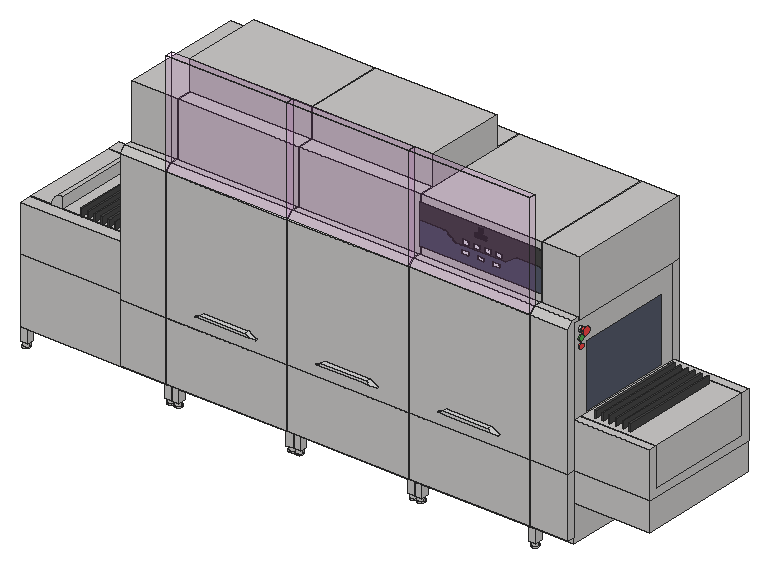
Revit family "QF_ELECTROLUXPROFESSIONAL_520040_EFTD052EL1U1D1M5ER386", category Attrezzature speciali, Revit 2020
Family settings
  Quota connettore circolare = Usa diametro
  Tipo di parte = Normale
  Basato su piano di lavoro = No
  Sempre verticale = Sì
  Taglio con vuoti quando caricato = No
  Condiviso = No
  Punto di calcolo locali = No
Parameters (values of type "Standard")
  Weight = 925.00 kg
  Watts = 42700 W
  Volts = 380 V
  URL Manufacturer = "https://www.electroluxprofessional.com/"
  URL = "https://www.electroluxprofessional.com/"
  Steam Supply Size = 0 mm
  Steam Supply Minimum Pressure = 0.0 Pa
  Steam Supply Maximum Pressure = 0.0 Pa
  Steam Consumption per Hour = 0
  Show Logo [instance] = yes
  Show Clearance [instance] = yes
  Refrigeration Suction Line Size = 0 mm
  Refrigeration Liquid Line Size = 0 mm
  Refrigerant Compressor Remote = yes
  Prospetto di default = 0 mm
  Produttore = "Electrolux Professional"
  Phase = 3
  Modello = "EFTD052EL1U1D1M5ER386"
  Length Actual = 4150 mm  # constant formula
  Item Number = "520040"
  Hot Water Size = 0 mm
  Height Actual = 1983 mm  # constant formula
  HP = "57.3 HP"
  Gas Size = 0 mm
  Gas KW = 0
  Gas Input Pressure = 0 W
  Direct Waste Size = 50.8 mm
  Descrizione = "FT, 1TANK, 5200D/H, EL., 750MM LOADING, 1000MM UNLOADING, 1DRYER, 55MM CONVEYOR,ESD,R>L,380V60HZ3P"
  Depth Actual = 946 mm  # constant formula
  Cycle = 60 Hz
  Condensate Return Size = 0 mm
  Compressed Air Volume = 0.0 L/s
  Compressed Air Size = 0 mm
  Compressed Air Pressure = 0.0 Pa
  Cold Water Size = 0 mm
  Accessory = yes
Reference planes
  plane 1 "Centro (Fronte/Retro)": y = 0
  plane 2: z = 0
  plane 3 "Centro (Sinistra/Destra)": x = 0
  plane 4: z = 115
Forms (mm)
  Extrusion 1, solid, material "QF_Finishes_Stainless Steel"
    sketch origin (2282.404, 2, 1806.023) x (1, 0, 0) y (0, 0, 1)
      loop
        line (407.596, -163.023) -> (407.596, -183.023) -> (427.596, -183.023) -> (427.596, -163.023) -> (407.596, -163.023)
    from 0 to 2
  Extrusion 2, solid, material "QF_Finishes_Stainless Steel"
    sketch origin (-5.617, 22.464, 1290.159) x (0, 0, -1) y (0, 1, 0)
      loop
        circle (1102.159, -772.464) r 25
    from -9.383 to 5.617
  Extrusion 3, solid, material "QF_Finishes_Stainless Steel"
    sketch origin (2942.404, 2, 337.984) x (1, 0, 0) y (0, 0, 1)
      loop
        line (407.596, -163.023) -> (407.596, -183.023) -> (427.596, -183.023) -> (427.596, -163.023) -> (407.596, -163.023)
    from 0 to 2
  Extrusion 4, solid, material "QF_Finishes_Stainless Steel"
    sketch origin (347.841, 200.464, 109.383) x (1, 0, 0) y (0, 1, 0)
      loop
        circle (1102.159, -772.464) r 10
    from -9.383 to 5.617
Dimensions and locks
  plane 4 to level = 115 mm
  aligned and locked: level to plane 2
Nested families
  nested 1: "MODULO_CENTER_800_FAN" at (1383.563, -388.258, 0), Show Clearance <- "Show Clearance", type "MODULO_CENTER_800_FAN"
    with Show Logo yes, Show Clearance yes, R_L no, L_R yes
  nested 2: "MODULO_CENTER_800_FAN" at (2183.563, -388.258, 0), Show Clearance <- "Show Clearance", type "MODULO_CENTER_800_FAN"
    with Show Logo yes, Show Clearance yes, R_L no, L_R yes
  nested 3: "MODULO_CENTER_800" at (2983.563, -388.258, 0), Show Clearance <- "Show Clearance", type "MODULO_CENTER_800"
    with Show Logo yes, Show Clearance yes, R_L no, L_R yes
  nested 4: "MODULO_ENTRY_DISH_750" at (3791.437, -523.742, 0) x (-1, 0, 0) z (0, 0, 1), type "MODULO_ENTRY_DISH_750"
    with Show Logo yes, Show Clearance yes, R_L yes, L_R no
  nested 5: "MODULO_USCITA_DISH_1000" at (641.437, -523.742, 0) x (-1, 0, 0) z (0, 0, 1), type "MODULO_USCITA_DISH_1000"
    with Show Logo yes, Show Clearance yes, R_L no, L_R yes
  nested 6: "Piedino_Square_115H" at (23.5, -838.5, 0), type "Piedino_Square_115H"
  nested 7: "Piedino_Square_115H" at (23.5, -73.5, 0), type "Piedino_Square_115H"
  nested 8: "Piedino_Square_115H" at (976.5, -838.5, 0), type "Piedino_Square_115H"
  nested 9: "Piedino_Square_115H" at (976.5, -73.5, 0), type "Piedino_Square_115H"
  nested 10: "Piedino_Square_115H" at (1023.5, -838.5, 0), type "Piedino_Square_115H"
  nested 11: "Piedino_Square_115H" at (1023.5, -73.5, 0), type "Piedino_Square_115H"
  nested 12: "Piedino_Square_115H" at (1776.5, -838.5, 0), type "Piedino_Square_115H"
  nested 13: "Piedino_Square_115H" at (1776.5, -73.5, 0), type "Piedino_Square_115H"
  nested 14: "Piedino_Square_115H" at (1823.5, -838.5, 0) x (-1, 0, 0) z (0, 0, 1), type "Piedino_Square_115H"
  nested 15: "Piedino_Square_115H" at (1823.5, -73.5, 0) x (-1, 0, 0) z (0, 0, 1), type "Piedino_Square_115H"
  nested 16: "Piedino_Square_115H" at (2576.5, -838.5, 0) x (-1, 0, 0) z (0, 0, 1), type "Piedino_Square_115H"
  nested 17: "Piedino_Square_115H" at (2576.5, -73.5, 0) x (-1, 0, 0) z (0, 0, 1), type "Piedino_Square_115H"
  nested 18: "Piedino_Square_115H" at (2623.5, -838.5, 0), type "Piedino_Square_115H"
  nested 19: "Piedino_Square_115H" at (2623.5, -73.5, 0), type "Piedino_Square_115H"
  nested 20: "Piedino_Square_115H" at (3376.5, -838.5, 0), type "Piedino_Square_115H"
  nested 21: "Piedino_Square_115H" at (3376.5, -73.5, 0), type "Piedino_Square_115H"
  nested 22: "MANIGLIA_FLIGHT_400" at (3000, -912, 639.28) x (1, 0, 0) z (0, -1, 0), type "MANIGLIA_FLIGHT_400"
  nested 23: "MANIGLIA_FLIGHT_400" at (2200, -912, 639.28) x (1, 0, 0) z (0, -1, 0), type "MANIGLIA_FLIGHT_400"
  nested 24: "MANIGLIA_FLIGHT_400" at (1400, -912, 639.28) x (1, 0, 0) z (0, -1, 0), type "MANIGLIA_FLIGHT_400"
  nested 25: "Schermo_Flight_800" at (3000, -815, 1593.984) x (1, 0, 0) z (0, -1, 0), type "Schermo_Flight_800"
  nested 26: "ELX_LOGO_WORDS_WHITE" at (3000, -816.6, 1683.984) x (1, 0, 0) z (0, -1, 0), Show Logo <- "Show Logo", visible <- "Show Logo", type "ELX_LOGO_WORDS_WHITE"
    with Show Logo yes
  nested 27: "ELX_LOGO_MONO_SMALL_WHITE" at (2990.08, -816.6, 1669.984) x (-1, 0, 0) z (0, -1, 0), Show Logo <- "Show Logo", visible <- "Show Logo", type "ELX_LOGO_MONO_SMALL_WHITE"
    with Show Logo yes
Connectors
  electrical at (2700, 2, 1633)
    settings: on Extrusion 1, index 69, voltage 0 V, apparent load 0 VA, apparent load phase1 0 VA, apparent load phase2 0 VA, apparent load phase3 0 VA, power factor 1, load classification "Altro", number of poles 1, system type 30, power factor state 1, is connector primary yes, connector utility no, sub classification motor no, connector description "EI"
  piping at (-15, -750, 188), diameter 50
    settings: on Extrusion 2, index 70, connector inside diameter 609.6 mm, connector length 0 mm, flow factor 0, pipe flow 0.0 L/s, pressure drop 0.0 Pa, fitting loss kfactor 0, connector angle 0.00°, fixture units 0, engagement length 0 mm, angle of deflection 0.00°, flow configuration 0, flow direction 0, fitting loss method 0, system type 29, joint type 0, gender type 0, connector reference index -1, connector utility 0, adjustable connector no, is connector primary yes, connector description "D"
  electrical at (3360, 2, 164.961)
    settings: on Extrusion 3, index 71, voltage 0 V, apparent load 0 VA, apparent load phase1 0 VA, apparent load phase2 0 VA, apparent load phase3 0 VA, power factor 1, load classification "Altro", number of poles 1, system type 30, power factor state 1, is connector primary no, connector utility no, sub classification motor no, connector description "EQ"
  piping at (1450, -572, 100), diameter 19.1
    settings: on Extrusion 4, index 72, connector inside diameter 609.6 mm, connector length 0 mm, flow factor 0, pipe flow 0.0 L/s, pressure drop 0.0 Pa, fitting loss kfactor 0, connector angle 0.00°, fixture units 0, engagement length 0 mm, angle of deflection 0.00°, flow configuration 0, flow direction 0, fitting loss method 0, system type 29, joint type 0, gender type 0, connector reference index -1, connector utility 0, adjustable connector no, is connector primary no, connector description "HWI/CWI"
Definition of nested family "MODULO_CENTER_800_FAN"
  Parameters (values of type "MODULO_CENTER_800_FAN")
    URL = "http://professional.electrolux.com"
    Show Logo [instance] = yes
    R_L [instance] = not(L_R)  # no
    Default Elevation = 0 mm
    Manufacturer = "Electrolux"
    Model = "ESR10E5"
    Length Actual = 800 mm
    Show Clearance [instance] = yes
    L_R [instance] = yes
    Height Actual = 1792 mm
    Description = "SINGLE RINSE RT, 100R/H, ELECTRIC 50HZ"
    Depth Actual = 912 mm
  Reference planes
    plane 1 "Center X": y = -67.742
    plane 2: z = 0
    plane 3 "LEFT": x = -383.563
    plane 4 "RIGHT": x = 416.437
    plane 5 "BACK": y = 388.258
    plane 6 "FEET": z = 115
    plane 7: z = 2092
    plane 8 "TOP": z = 1792
    plane 9 "FRONT": y = -523.742
    plane 10 "Left/Right": x = 16.437
    plane 11 "TopVent": z = 1983
  Forms (mm)
    Extrusion 1, solid
      sketch origin (416.437, 479.936, 4000) x (0, 1, 0) y (0, 0, 1)
        loop
          line (-91.678, -2208) -> (-906.678, -2208) -> (-906.678, -2580) -> (-91.678, -2580) -> (-91.678, -2208)
      from -800 to 0
    Extrusion 2, solid
      sketch origin (-383.563, 437.565, 3910) x (0, 1, 0) y (0, 0, 1)
        loop
          line (-99.307, -2490) -> (-911.307, -2490) -> (-911.307, -3552) -> (-99.307, -3552) -> (-99.307, -2490)
      from 800 to 0
    Extrusion 3, solid
      sketch origin (416.437, 479.936, 4299) x (0, 1, 0) y (0, 0, 1)
        loop
          line (-278.21, -2316) -> (-803.678, -2316) -> (-803.678, -2507) -> (-278.21, -2507) -> (-278.21, -2316)
      from -800 to 0
    Extrusion 4, solid
      sketch origin (16.437, 0, 1.5) x (0, 0, 1) y (0, -1, 0)
        loop
          line (356.5, -338.258) -> (356.5, 473.742) -> (113.5, 473.742) -> (113.5, -338.258) -> (356.5, -338.258)
      from 400 to -400
    Extrusion 5, solid
      sketch origin (16.437, 0, 0) x (0, 0, 1) y (0, -1, 0)
        loop
          line (1420, -338.258) -> (545, -338.258) -> (545, -388.258) -> (1420, -388.258) -> (1420, -338.258)
      from -400 to 400
    Extrusion 6, solid
      sketch origin (16.437, 0, 0) x (0, 0, 1) y (0, -1, 0)
        loop
          line (545, -388.258) -> (545, -338.258) -> (154, -338.258) -> (154, -388.258) -> (545, -388.258)
      from -400 to 400
    Extrusion 7, solid
      sketch origin (16.437, -882.484, -150) x (0, -1, 0) y (0, 0, 1)
        loop
          line (-358.742, 304) -> (-358.742, 695) -> (-408.742, 695) -> (-408.742, 304) -> (-358.742, 304)
      from -400 to 400
    Extrusion 8, solid
      sketch origin (16.437, -882.484, -151) x (0, -1, 0) y (0, 0, 1)
        loop
          line (-408.742, 1571) -> (-408.742, 696) -> (-358.742, 696) -> (-358.742, 1556) -> (-395.742, 1593) -> (-443.742, 1593) -> (-443.742, 1571) -> (-408.742, 1571)
      from -400 to 400
    Extrusion 9, solid, visible <- "Show Clearance"
      sketch origin (16.437, -882.484, 452) x (0, -1, 0) y (0, 0, 1)
        loop
          line (-408.742, 1640) -> (-408.742, 953.624) -> (-358.742, 953.624) -> (-358.742, 1640) -> (-408.742, 1640)
      from -400 to 400
  Dimensions and locks
    plane 3 "LEFT" to plane 4 "RIGHT" = 800 mm
    plane 5 "BACK" to plane 1 "Center X" to plane 9 "FRONT" = 456 mm, 456 mm
    plane 6 "FEET" to level = 115 mm  (x2)
    plane 6 "FEET" to plane 8 "TOP" = 1677 mm
    plane 5 "BACK" to plane 9 "FRONT" = 912 mm  (x2)
    plane 4 "RIGHT" to plane 3 "LEFT" = 800 mm
    plane 9 "FRONT" to plane 5 "BACK" = 912 mm
    level to plane 8 "TOP" = 1792 mm  (x2)
    plane 7 to level = 2092 mm
    plane 11 "TopVent" to plane 2 = 1983 mm
    plane 7 to plane 2 = 2092 mm
    Extrusion 2 to level = 1420 mm
    Extrusion 8 to level = 1442 mm
    plane 11 "TopVent" to level = 1983 mm
    aligned and locked: level to plane 2
Definition of nested family "MODULO_CENTER_800"
  Parameters (values of type "MODULO_CENTER_800")
    URL = "http://professional.electrolux.com"
    Show Logo [instance] = yes
    R_L [instance] = not(L_R)  # no
    Default Elevation = 0 mm
    Manufacturer = "Electrolux"
    Model = "ESR10E5"
    Length Actual = 800 mm
    Show Clearance [instance] = yes
    L_R [instance] = yes
    Height Actual = 1792 mm
    Description = "SINGLE RINSE RT, 100R/H, ELECTRIC 50HZ"
    Depth Actual = 912 mm
  Reference planes
    plane 1 "Center X": y = -67.742
    plane 2: z = 0
    plane 3 "LEFT": x = -383.563
    plane 4 "RIGHT": x = 416.437
    plane 5 "BACK": y = 388.258
    plane 6 "FEET": z = 115
    plane 7: z = 2092
    plane 8 "TOP": z = 1792
    plane 9 "FRONT": y = -523.742
    plane 10 "Left/Right": x = 16.437
  Forms (mm)
    Extrusion 1, solid
      sketch origin (416.437, 479.936, 4000) x (0, 1, 0) y (0, 0, 1)
        loop
          line (-91.678, -2208) -> (-906.678, -2208) -> (-906.678, -2580) -> (-91.678, -2580) -> (-91.678, -2208)
      from -800 to 0
    Extrusion 2, solid
      sketch origin (-383.563, 437.565, 3915) x (0, 1, 0) y (0, 0, 1)
        loop
          line (-99.307, -2495) -> (-911.307, -2495) -> (-911.307, -3557) -> (-99.307, -3557) -> (-99.307, -2495)
      from 800 to 0
    Extrusion 3, solid
      sketch origin (16.437, 0, 1.5) x (0, 0, 1) y (0, -1, 0)
        loop
          line (356.5, -338.258) -> (356.5, 473.742) -> (113.5, 473.742) -> (113.5, -338.258) -> (356.5, -338.258)
      from 400 to -400
    Extrusion 4, solid
      sketch origin (16.437, 0, 0) x (0, 0, 1) y (0, -1, 0)
        loop
          line (1420, -338.258) -> (545, -338.258) -> (545, -388.258) -> (1420, -388.258) -> (1420, -338.258)
      from -400 to 400
    Extrusion 5, solid
      sketch origin (16.437, 0, 0) x (0, 0, 1) y (0, -1, 0)
        loop
          line (545, -388.258) -> (545, -338.258) -> (154, -338.258) -> (154, -388.258) -> (545, -388.258)
      from -400 to 400
    Extrusion 6, solid
      sketch origin (16.437, -882.484, -150) x (0, -1, 0) y (0, 0, 1)
        loop
          line (-358.742, 304) -> (-358.742, 695) -> (-408.742, 695) -> (-408.742, 304) -> (-358.742, 304)
      from -400 to 400
    Extrusion 7, solid
      sketch origin (16.437, -882.484, -151) x (0, -1, 0) y (0, 0, 1)
        loop
          line (-408.742, 1571) -> (-408.742, 696) -> (-358.742, 696) -> (-358.742, 1556) -> (-395.742, 1593) -> (-443.742, 1593) -> (-443.742, 1571) -> (-408.742, 1571)
      from -400 to 400
    Extrusion 8, solid, visible <- "Show Clearance"
      sketch origin (16.437, -882.484, 452) x (0, -1, 0) y (0, 0, 1)
        loop
          line (-408.742, 1640) -> (-408.742, 953.624) -> (-358.742, 953.624) -> (-358.742, 1640) -> (-408.742, 1640)
      from -400 to 400
  Dimensions and locks
    plane 3 "LEFT" to plane 4 "RIGHT" = 800 mm
    plane 5 "BACK" to plane 1 "Center X" to plane 9 "FRONT" = 456 mm, 456 mm
    plane 6 "FEET" to level = 115 mm  (x2)
    plane 6 "FEET" to plane 8 "TOP" = 1677 mm
    plane 5 "BACK" to plane 9 "FRONT" = 912 mm  (x2)
    plane 4 "RIGHT" to plane 3 "LEFT" = 800 mm
    plane 9 "FRONT" to plane 5 "BACK" = 912 mm
    level to plane 8 "TOP" = 1792 mm  (x2)
    plane 7 to level = 2092 mm
    plane 7 to plane 2 = 2092 mm
    Extrusion 2 to level = 1420 mm
    Extrusion 7 to level = 1442 mm
    aligned and locked: level to plane 2
Definition of nested family "MODULO_ENTRY_DISH_750"
  Parameters (values of type "MODULO_ENTRY_DISH_750")
    URL = "http://professional.electrolux.com"
    Show Logo [instance] = yes
    R_L [instance] = not(L_R)  # no
    Default Elevation = 0 mm
    Manufacturer = "Electrolux"
    Model = "ESR10E5"
    Length Actual = 800 mm
    Show Clearance [instance] = yes
    L_R [instance] = yes
    Height Actual = 1792 mm
    Description = "SINGLE RINSE RT, 100R/H, ELECTRIC 50HZ"
    Depth Actual = 912 mm
  Reference planes
    plane 1 "Center (Front/Back)": y = -67.742
    plane 2: z = 0
    plane 3 "LEFT": x = -358.563
    plane 4 "RIGHT": x = 391.437
    plane 5 "BACK": y = 388.258
    plane 6 "FRONT": y = -523.742
    plane 7 "Left/Right": x = 16.437
    plane 8 "BUTTONS": y = -427.742
    plane 9: z = 115
    plane 10 "2": y = 292.258
  Forms (mm)
    Extrusion 1, solid, visible <- "L_R"
      sketch origin (391.437, 479.936, 4000) x (0, 1, 0) y (0, 0, 1)
        loop
          line (-91.678, -2208) -> (-906.678, -2208) -> (-906.678, -2580) -> (-91.678, -2580) -> (-91.678, -2208)
      from -250 to 0
    Extrusion 2, solid
      sketch origin (-358.563, 437.565, 3910) x (0, 1, 0) y (0, 0, 1)
        loop
          line (-99.307, -2490) -> (-911.307, -2490) -> (-911.307, -3552) -> (-99.307, -3552) -> (-99.307, -2490)
      from 750 to 500
    Extrusion 3, solid
      sketch origin (-358.563, 437.565, 3910) x (0, 1, 0) y (0, 0, 1)
        loop
          line (-99.307, -3365) -> (-99.307, -3060) -> (-149.307, -3060) -> (-149.307, -3315) -> (-861.307, -3315) -> (-861.307, -3060) -> (-911.307, -3060) -> (-911.307, -3365) -> (-99.307, -3365)
      from 500 to 0
    Extrusion 4, solid
      sketch origin (16.437, 0, -4.987) x (0, 0, 1) y (0, -1, 0)
        loop
          line (362.987, -338.258) -> (362.987, 473.742) -> (119.987, 473.742) -> (119.987, -338.258) -> (362.987, -338.258)
      from 375 to 125
    Extrusion 5, solid, visible <- "L_R"
      sketch origin (16.437, 0, 0) x (0, 0, 1) y (0, -1, 0)
        loop
          line (1420, -338.258) -> (545, -338.258) -> (545, -388.258) -> (1420, -388.258) -> (1420, -338.258)
      from 125 to 375
    Extrusion 6, solid
      sketch origin (16.437, 0, 0) x (0, 0, 1) y (0, -1, 0)
        loop
          line (545, -388.258) -> (545, -338.258) -> (154, -338.258) -> (154, -388.258) -> (545, -388.258)
      from 125 to 375
    Extrusion 7, solid
      sketch origin (-358.563, 437.565, 3607.258) x (0, 1, 0) y (0, 0, 1)
        loop
          line (-99.307, -3249.258) -> (-99.307, -3062.258) -> (-911.307, -3062.258) -> (-911.307, -3249.258) -> (-99.307, -3249.258)
      from 500 to 0
    Extrusion 8, solid
      sketch origin (-358.563, 437.565, 4000) x (0, 1, 0) y (0, 0, 1)
        loop
          line (-149.307, -3150) -> (-861.307, -3150) -> (-861.307, -3405) -> (-149.307, -3405) -> (-149.307, -3150)
      from 0 to 500
    Extrusion 9, solid
      sketch origin (266.437, -882.484, -150) x (0, -1, 0) y (0, 0, 1)
        loop
          line (-358.742, 304) -> (-358.742, 695) -> (-408.742, 695) -> (-408.742, 304) -> (-358.742, 304)
      from -125 to 125
    Extrusion 10, solid, visible <- "L_R"
      sketch origin (266.437, -882.484, -151) x (0, -1, 0) y (0, 0, 1)
        loop
          line (-408.742, 1571) -> (-408.742, 696) -> (-358.742, 696) -> (-358.742, 1556) -> (-395.742, 1593) -> (-443.742, 1593) -> (-443.742, 1571) -> (-408.742, 1571)
      from -125 to 125
    Extrusion 11, solid
      sketch origin (-358.563, 437.565, 4000) x (0, 1, 0) y (0, 0, 1)
        loop
          line (-199.307, -2725.701) -> (-811.307, -2725.701) -> (-811.307, -3137.701) -> (-199.307, -3137.701) -> (-199.307, -2725.701)
      from 495.458 to 500
    Extrusion 12, solid, visible <- "R_L"
      sketch origin (266.437, 747, -151) x (0, 1, 0) y (0, 0, -1)
        loop
          line (-408.742, -1571) -> (-443.742, -1571) -> (-443.742, -1593) -> (-395.742, -1593) -> (-358.742, -1556) -> (-358.742, -696) -> (-408.742, -696) -> (-408.742, -1571)
      from -125 to 125
    Extrusion 13, solid, visible <- "R_L"
      sketch origin (16.437, -135.484, 0) x (0, 0, 1) y (0, -1, 0)
        loop
          line (1420, 338.258) -> (1420, 388.258) -> (545, 388.258) -> (545, 338.258) -> (1420, 338.258)
      from 125 to 375
    Extrusion 14, solid, visible <- "R_L"
      sketch origin (391.437, -615.42, 4000) x (0, -1, 0) y (0, 0, -1)
        loop
          line (-91.678, 2208) -> (-91.678, 2580) -> (-906.678, 2580) -> (-906.678, 2208) -> (-91.678, 2208)
      from -250 to 0
    Extrusion 15, solid
      sketch origin (-191.477, -192.742, -3) x (-1, 0, 0) y (0, 0, 1)
        loop
          line (-26.676, 853) -> (-26.676, 898) -> (-36.676, 898) -> (-36.676, 853) -> (-26.676, 853)
      from -196 to 446
    Extrusion 16, solid
      sketch origin (-146.477, -192.742, -3) x (-1, 0, 0) y (0, 0, 1)
        loop
          line (-26.676, 853) -> (-26.676, 898) -> (-36.676, 898) -> (-36.676, 853) -> (-26.676, 853)
      from -196 to 446
    Extrusion 17, solid
      sketch origin (-101.477, -192.742, -3) x (-1, 0, 0) y (0, 0, 1)
        loop
          line (-26.676, 853) -> (-26.676, 898) -> (-36.676, 898) -> (-36.676, 853) -> (-26.676, 853)
      from -196 to 446
    Extrusion 18, solid
      sketch origin (-56.477, -192.742, -3) x (-1, 0, 0) y (0, 0, 1)
        loop
          line (-26.676, 853) -> (-26.676, 898) -> (-36.676, 898) -> (-36.676, 853) -> (-26.676, 853)
      from -196 to 446
    Extrusion 19, solid
      sketch origin (-11.477, -192.742, -3) x (-1, 0, 0) y (0, 0, 1)
        loop
          line (-26.676, 853) -> (-26.676, 898) -> (-36.676, 898) -> (-36.676, 853) -> (-26.676, 853)
      from -196 to 446
    Extrusion 20, solid
      sketch origin (33.523, -192.742, -3) x (-1, 0, 0) y (0, 0, 1)
        loop
          line (-26.676, 853) -> (-26.676, 898) -> (-36.676, 898) -> (-36.676, 853) -> (-26.676, 853)
      from -196 to 446
  Dimensions and locks
    plane 3 "LEFT" to plane 4 "RIGHT" = 750 mm
    plane 5 "BACK" to plane 1 "Center (Front/Back)" to plane 6 "FRONT" = 456 mm, 456 mm
    plane 5 "BACK" to plane 6 "FRONT" = 912 mm  (x2)
    plane 4 "RIGHT" to plane 3 "LEFT" = 750 mm  (x2)
    plane 6 "FRONT" to plane 5 "BACK" = 912 mm
    plane 9 to level = 115 mm
    Extrusion 1 to level = 1792 mm
    Extrusion 3 to level = 850 mm
    aligned and locked: level to plane 2
  Nested families
    nested 1: "BOTTONE_RED_STOP" at (141.437, -427.742, 1266.906) x (0, -1, 0) z (-1, 0, 0), visible <- "L_R", type "BOTTONE_RED_STOP"
    nested 2: "BOTTONE_EMERGENCY_STOP" at (141.437, -427.742, 1370) x (0, -1, 0) z (-1, 0, 0), visible <- "L_R", type "BOTTONE_EMERGENCY_STOP"
    nested 3: "BOTTONE_GREEN_START" at (141.437, -427.742, 1316.906) x (0, -1, 0) z (-1, 0, 0), visible <- "L_R", type "BOTTONE_GREEN_START"
    nested 4: "BOTTONE_RED_STOP" at (141.437, 292.258, 1267.906) x (0, 1, 0) z (-1, 0, 0), visible <- "R_L", type "BOTTONE_RED_STOP"
    nested 5: "BOTTONE_EMERGENCY_STOP" at (141.437, 292.258, 1371) x (0, 1, 0) z (-1, 0, 0), visible <- "R_L", type "BOTTONE_EMERGENCY_STOP"
    nested 6: "BOTTONE_GREEN_START" at (141.437, 292.258, 1317.906) x (0, 1, 0) z (-1, 0, 0), visible <- "R_L", type "BOTTONE_GREEN_START"
  Definition of nested family "BOTTONE_RED_STOP"
    Parameters (values of type "BOTTONE_RED_STOP")
      Default Elevation = 1219.2 mm
    Reference planes
      plane 1 "Centro (Fronte/Retro)": y = 0
      plane 2: z = 0
      plane 3 "Centro (Sinistra/Destra)": x = 0
    Forms (mm)
      Extrusion 1, solid
        sketch origin (0, 0, 0) x (1, 0, 0) y (0, 1, 0)
          loop
            line (-1219.2, 1219.2) -> (-1219.2, -1219.2) -> (1219.2, -1219.2) -> (1219.2, 1219.2) -> (-1219.2, 1219.2)
        from 0 to -304.8
      Extrusion 2, solid
        sketch origin (-367.513, 69.533, 15) x (-1, 0, 0) y (0, 1, 0)
          loop
            circle (-367.513, -69.533) r 15
        from 0 to 15
    Dimensions and locks
      aligned and locked: plane 2 to Extrusion 1
      aligned and locked: level to Extrusion 1
  Definition of nested family "BOTTONE_EMERGENCY_STOP"
    Parameters
      Default Elevation = 1219.2 mm
    Reference planes
      plane 1 "Centro (Fronte/Retro)": y = 0
      plane 2: z = 0
      plane 3 "Centro (Sinistra/Destra)": x = 0
    Forms (mm)
      Extrusion 1, solid
        sketch origin (0, 0, 0) x (1, 0, 0) y (0, 1, 0)
          loop
            line (-1219.2, 1219.2) -> (-1219.2, -1219.2) -> (1219.2, -1219.2) -> (1219.2, 1219.2) -> (-1219.2, 1219.2)
        from 0 to -304.8
      Extrusion 2, solid
        sketch origin (0, 0, 0) x (1, 0, 0) y (0, 1, 0)
          loop
            circle (0, 0) r 15
        from 0 to 20.273
      Blend 3, solid
        base sketch origin (-49.801, 0, 0) x (1, 0, 0) y (0, 1, 0)
          loop
            circle (49.801, 0) r 15
        top sketch origin (-49.801, 0, 0) x (1, 0, 0) y (0, 1, 0)
          loop
            circle (49.801, 0) r 25
        from 20.273 to 47.605
    Dimensions and locks
      aligned and locked: plane 2 to Extrusion 1
      aligned and locked: level to Extrusion 1
  Definition of nested family "BOTTONE_GREEN_START"
    Parameters (values of type "BOTTONE_GREEN_START")
      Default Elevation = 1219.2 mm
    Reference planes
      plane 1 "Centro (Fronte/Retro)": y = 0
      plane 2: z = 0
      plane 3 "Centro (Sinistra/Destra)": x = 0
    Forms (mm)
      Extrusion 1, solid
        sketch origin (0, 0, 0) x (1, 0, 0) y (0, 1, 0)
          loop
            line (-1219.2, 1219.2) -> (-1219.2, -1219.2) -> (1219.2, -1219.2) -> (1219.2, 1219.2) -> (-1219.2, 1219.2)
        from 0 to -304.8
      Extrusion 2, solid
        sketch origin (-367.513, 69.533, 15) x (-1, 0, 0) y (0, 1, 0)
          loop
            circle (-367.513, -69.533) r 15
        from 0 to 15
    Dimensions and locks
      aligned and locked: plane 2 to Extrusion 1
      aligned and locked: level to Extrusion 1
Definition of nested family "MODULO_USCITA_DISH_1000"
  Parameters (values of type "MODULO_USCITA_DISH_1000")
    URL = "http://professional.electrolux.com"
    Show Logo [instance] = yes
    R_L [instance] = not(L_R)  # yes
    Default Elevation = 0 mm
    Manufacturer = "Electrolux"
    Model = "ESR10E5"
    Length Actual = 800 mm
    Show Clearance [instance] = yes
    L_R [instance] = no
    Height Actual = 1792 mm
    Description = "SINGLE RINSE RT, 100R/H, ELECTRIC 50HZ"
    Depth Actual = 912 mm
  Reference planes
    plane 1 "Center (Front/Back)": y = -67.742
    plane 2: z = 0
    plane 3 "LEFT": x = -358.563
    plane 4 "BACK": y = 388.258
    plane 5 "FEET": z = 115
    plane 6 "TOP": z = 1792
    plane 7 "FRONT": y = -523.742
    plane 8 "Left/Right": x = 16.437
    plane 9: x = -358.563
    plane 10: y = -427.742
    plane 11 "RIGHT": x = 641.437
  Forms (mm)
    Extrusion 1, solid, visible <- "R_L"
      sketch origin (-358.563, 479.936, 4003) x (0, 1, 0) y (0, 0, -1)
        loop
          line (-91.678, 2211) -> (-91.678, 2583) -> (-906.678, 2583) -> (-906.678, 2211) -> (-91.678, 2211)
      from -300 to 0
    Extrusion 2, solid
      sketch origin (-358.563, 437.565, 4003) x (0, 1, 0) y (0, 0, 1)
        loop
          line (-99.307, -3458) -> (-911.307, -3458) -> (-911.307, -3888) -> (-99.307, -3888) -> (-99.307, -3458)
      from 300 to 0
    Extrusion 3, solid
      sketch origin (-358.563, 479.936, 4003) x (0, 1, 0) y (0, 0, -1)
        loop
          line (-141.678, 2583) -> (-141.678, 3458) -> (-953.678, 3458) -> (-953.678, 2583) -> (-141.678, 2583)
      from -300 to 0
    Extrusion 4, solid
      sketch origin (391.437, 437.565, 3913) x (0, 1, 0) y (0, 0, -1)
        loop
          line (-99.307, 3368) -> (-911.307, 3368) -> (-911.307, 3063) -> (-826.307, 3063) -> (-826.307, 3318) -> (-184.307, 3318) -> (-184.307, 3063) -> (-99.307, 3063) -> (-99.307, 3368)
      from 450 to -250
    Extrusion 5, solid, visible <- "R_L"
      sketch origin (16.437, 0, 3) x (0, 0, 1) y (0, 1, 0)
        loop
          line (1417, 338.258) -> (1417, 388.258) -> (542, 388.258) -> (542, 338.258) -> (1417, 338.258)
      from 75 to 375
    Extrusion 6, solid
      sketch origin (16.437, 0, 3) x (0, 0, 1) y (0, 1, 0)
        loop
          line (542, 388.258) -> (151, 388.258) -> (151, 338.258) -> (542, 338.258) -> (542, 388.258)
      from 75 to 375
    Extrusion 7, solid
      sketch origin (391.437, 437.565, 3610.258) x (0, 1, 0) y (0, 0, -1)
        loop
          line (-99.307, 3495.258) -> (-911.307, 3495.258) -> (-911.307, 3065.258) -> (-99.307, 3065.258) -> (-99.307, 3495.258)
      from 450 to -250
    Extrusion 8, solid
      sketch origin (641.437, 0, 3) x (0, 1, 0) y (0, 0, 1)
        loop
          line (253.258, 847) -> (-388.742, 847) -> (-388.742, 592) -> (253.258, 592) -> (253.258, 847)
      from 0 to -700
    Extrusion 9, solid
      sketch origin (-358.563, 437.565, 3928) x (0, 1, 0) y (0, 0, 1)
        loop
          line (-811.307, -3065.701) -> (-199.307, -3065.701) -> (-199.307, -2653.701) -> (-811.307, -2653.701) -> (-811.307, -3065.701)
      from 300 to 304.77
    Extrusion 10, solid
      sketch origin (-208.563, -115, -147) x (0, 1, 0) y (0, 0, 1)
        loop
          line (-358.742, 301) -> (-358.742, 692) -> (-408.742, 692) -> (-408.742, 301) -> (-358.742, 301)
      from -150 to 150
    Extrusion 11, solid, visible <- "R_L"
      sketch origin (-208.563, -882.484, -151) x (0, -1, 0) y (0, 0, 1)
        loop
          line (-408.742, 1571) -> (-408.742, 696) -> (-358.742, 696) -> (-358.742, 1556) -> (-395.742, 1593) -> (-443.742, 1593) -> (-443.742, 1571) -> (-408.742, 1571)
      from -150 to 150
    Extrusion 12, solid
      sketch origin (-39.574, -192.742, -3) x (-1, 0, 0) y (0, 0, 1)
        loop
          line (-26.676, 853) -> (-26.676, 898) -> (-36.676, 898) -> (-36.676, 853) -> (-26.676, 853)
      from -196 to 446
    Extrusion 13, solid
      sketch origin (5.426, -192.742, -3) x (-1, 0, 0) y (0, 0, 1)
        loop
          line (-26.676, 853) -> (-26.676, 898) -> (-36.676, 898) -> (-36.676, 853) -> (-26.676, 853)
      from -196 to 446
    Extrusion 14, solid
      sketch origin (50.426, -192.742, -3) x (-1, 0, 0) y (0, 0, 1)
        loop
          line (-26.676, 853) -> (-26.676, 898) -> (-36.676, 898) -> (-36.676, 853) -> (-26.676, 853)
      from -196 to 446
    Extrusion 15, solid
      sketch origin (95.426, -192.742, -3) x (-1, 0, 0) y (0, 0, 1)
        loop
          line (-26.676, 853) -> (-26.676, 898) -> (-36.676, 898) -> (-36.676, 853) -> (-26.676, 853)
      from -196 to 446
    Extrusion 16, solid
      sketch origin (140.426, -192.742, -3) x (-1, 0, 0) y (0, 0, 1)
        loop
          line (-26.676, 853) -> (-26.676, 898) -> (-36.676, 898) -> (-36.676, 853) -> (-26.676, 853)
      from -196 to 446
    Extrusion 17, solid
      sketch origin (185.426, -192.742, -3) x (-1, 0, 0) y (0, 0, 1)
        loop
          line (-26.676, 853) -> (-26.676, 898) -> (-36.676, 898) -> (-36.676, 853) -> (-26.676, 853)
      from -196 to 446
    Extrusion 18, solid
      sketch origin (230.426, -192.742, -3) x (-1, 0, 0) y (0, 0, 1)
        loop
          line (-26.676, 853) -> (-26.676, 898) -> (-36.676, 898) -> (-36.676, 853) -> (-26.676, 853)
      from -196 to 446
    Extrusion 19, solid
      sketch origin (275.426, -192.742, -3) x (-1, 0, 0) y (0, 0, 1)
        loop
          line (-26.676, 853) -> (-26.676, 898) -> (-36.676, 898) -> (-36.676, 853) -> (-26.676, 853)
      from -196 to 446
    Revolve 20, solid
      sketch origin (0, 0, 850) x (1, 0, 0) y (0, 1, 0)
        loop
          line (430.204, 253.258) -> (430.204, -388.742) -> (502.335, -388.742) -> (502.335, 253.258) -> (430.204, 253.258)
        axis (430.204, 253.258) -> (430.204, -388.742)
      angle from 0 to -90
    Extrusion 21, solid, visible <- "L_R"
      sketch origin (-208.563, 747, -151) x (0, 1, 0) y (0, 0, -1)
        loop
          line (-408.742, -1571) -> (-443.742, -1571) -> (-443.742, -1593) -> (-395.742, -1593) -> (-358.742, -1556) -> (-358.742, -696) -> (-408.742, -696) -> (-408.742, -1571)
      from -150 to 150
    Extrusion 22, solid, visible <- "L_R"
      sketch origin (16.437, -135.484, 3) x (0, 0, 1) y (0, 1, 0)
        loop
          line (1417, -338.258) -> (542, -338.258) -> (542, -388.258) -> (1417, -388.258) -> (1417, -338.258)
      from 75 to 375
    Extrusion 23, solid, visible <- "L_R"
      sketch origin (-358.563, -615.42, 4003) x (0, -1, 0) y (0, 0, 1)
        loop
          line (-91.678, -2211) -> (-906.678, -2211) -> (-906.678, -2583) -> (-91.678, -2583) -> (-91.678, -2211)
      from -300 to 0
  Dimensions and locks
    plane 4 "BACK" to plane 1 "Center (Front/Back)" to plane 7 "FRONT" = 456 mm, 456 mm
    plane 5 "FEET" to level = 115 mm  (x2)
    plane 4 "BACK" to plane 7 "FRONT" = 912 mm  (x2)
    plane 7 "FRONT" to plane 4 "BACK" = 912 mm
    level to plane 6 "TOP" = 1792 mm
    plane 3 "LEFT" to plane 8 "Left/Right" = 375 mm
    plane 8 "Left/Right" to plane 11 "RIGHT" = 625 mm
    plane 3 "LEFT" to plane 11 "RIGHT" = 1000 mm
    plane 9 to plane 11 "RIGHT" = 1000 mm
    plane 6 "TOP" to level = 1792 mm
    aligned and locked: level to plane 2
  Nested families
    nested 1: "BOTTONE_EMERGENCY_STOP" at (-58.563, -427.742, 1369) x (0, -1, 0) z (1, 0, 0), visible <- "R_L", type "BOTTONE_EMERGENCY_STOP"
    nested 2: "BOTTONE_GREEN_START" at (-58.563, -427.742, 1315.906) x (0, -1, 0) z (1, 0, 0), visible <- "R_L", type "BOTTONE_GREEN_START"
    nested 3: "BOTTONE_RED_STOP" at (-58.563, -427.742, 1265.906) x (0, -1, 0) z (1, 0, 0), visible <- "R_L", type "BOTTONE_RED_STOP"
    nested 4: "BOTTONE_EMERGENCY_STOP" at (-58.563, 292.258, 1369) x (0, 1, 0) z (1, 0, 0), visible <- "L_R", type "BOTTONE_EMERGENCY_STOP"
    nested 5: "BOTTONE_GREEN_START" at (-58.563, 292.258, 1315.906) x (0, 1, 0) z (1, 0, 0), visible <- "L_R", type "BOTTONE_GREEN_START"
    nested 6: "BOTTONE_RED_STOP" at (-58.563, 292.258, 1265.906) x (0, 1, 0) z (1, 0, 0), visible <- "L_R", type "BOTTONE_RED_STOP"
  Definition of nested family "BOTTONE_EMERGENCY_STOP"
    Parameters
      Default Elevation = 1219.2 mm
    Reference planes
      plane 1 "Centro (Fronte/Retro)": y = 0
      plane 2: z = 0
      plane 3 "Centro (Sinistra/Destra)": x = 0
    Forms (mm)
      Extrusion 1, solid
        sketch origin (0, 0, 0) x (1, 0, 0) y (0, 1, 0)
          loop
            line (-1219.2, 1219.2) -> (-1219.2, -1219.2) -> (1219.2, -1219.2) -> (1219.2, 1219.2) -> (-1219.2, 1219.2)
        from 0 to -304.8
      Extrusion 2, solid
        sketch origin (0, 0, 0) x (1, 0, 0) y (0, 1, 0)
          loop
            circle (0, 0) r 15
        from 0 to 20.273
      Blend 3, solid
        base sketch origin (-49.801, 0, 0) x (1, 0, 0) y (0, 1, 0)
          loop
            circle (49.801, 0) r 15
        top sketch origin (-49.801, 0, 0) x (1, 0, 0) y (0, 1, 0)
          loop
            circle (49.801, 0) r 25
        from 20.273 to 47.605
    Dimensions and locks
      aligned and locked: plane 2 to Extrusion 1
      aligned and locked: level to Extrusion 1
  Definition of nested family "BOTTONE_GREEN_START"
    Parameters (values of type "BOTTONE_GREEN_START")
      Default Elevation = 1219.2 mm
    Reference planes
      plane 1 "Centro (Fronte/Retro)": y = 0
      plane 2: z = 0
      plane 3 "Centro (Sinistra/Destra)": x = 0
    Forms (mm)
      Extrusion 1, solid
        sketch origin (0, 0, 0) x (1, 0, 0) y (0, 1, 0)
          loop
            line (-1219.2, 1219.2) -> (-1219.2, -1219.2) -> (1219.2, -1219.2) -> (1219.2, 1219.2) -> (-1219.2, 1219.2)
        from 0 to -304.8
      Extrusion 2, solid
        sketch origin (-367.513, 69.533, 15) x (-1, 0, 0) y (0, 1, 0)
          loop
            circle (-367.513, -69.533) r 15
        from 0 to 15
    Dimensions and locks
      aligned and locked: plane 2 to Extrusion 1
      aligned and locked: level to Extrusion 1
  Definition of nested family "BOTTONE_RED_STOP"
    Parameters (values of type "BOTTONE_RED_STOP")
      Default Elevation = 1219.2 mm
    Reference planes
      plane 1 "Centro (Fronte/Retro)": y = 0
      plane 2: z = 0
      plane 3 "Centro (Sinistra/Destra)": x = 0
    Forms (mm)
      Extrusion 1, solid
        sketch origin (0, 0, 0) x (1, 0, 0) y (0, 1, 0)
          loop
            line (-1219.2, 1219.2) -> (-1219.2, -1219.2) -> (1219.2, -1219.2) -> (1219.2, 1219.2) -> (-1219.2, 1219.2)
        from 0 to -304.8
      Extrusion 2, solid
        sketch origin (-367.513, 69.533, 15) x (-1, 0, 0) y (0, 1, 0)
          loop
            circle (-367.513, -69.533) r 15
        from 0 to 15
    Dimensions and locks
      aligned and locked: plane 2 to Extrusion 1
      aligned and locked: level to Extrusion 1
Definition of nested family "Piedino_Square_115H"
  Parameters (values of type "Piedino_Square_115H")
    Default Elevation = 0 mm
  Reference planes
    plane 1 "Centro (Fronte/Retro)": y = 0
    plane 2: z = 0
    plane 3 "Centro (Sinistra/Destra)": x = 0
    plane 4: z = 115
  Forms (mm)
    Extrusion 1, solid
      sketch origin (0, 0, 0) x (1, 0, 0) y (0, 1, 0)
        loop
          circle (0, 0) r 23
      from 0 to 5
    Extrusion 2, solid
      sketch origin (0, 0, 5) x (1, 0, 0) y (0, 1, 0)
        loop
          circle (0, 0) r 20
      from 0 to 25.777
    Extrusion 3, solid
      sketch origin (0, 0, 30.777) x (1, 0, 0) y (0, 1, 0)
        loop
          line (-23.5, 23.5) -> (-23.5, -23.5) -> (23.5, -23.5) -> (23.5, 23.5) -> (-23.5, 23.5)
      from 0 to 84.223
  Dimensions and locks
    plane 4 to level = 115 mm  (x2)
    radius of Extrusion 1 sketch curve = 23 mm
    aligned and locked: level to plane 2
    aligned and locked: Extrusion 1 to level
Definition of nested family "MANIGLIA_FLIGHT_400"
  Parameters
    Default Elevation = 1219.2 mm
  Reference planes
    plane 1 "Centro (Fronte/Retro)": y = 0
    plane 2: z = 0
    plane 3 "Centro (Sinistra/Destra)": x = 0
  Forms (mm)
    Extrusion 1, solid
      sketch origin (0, 0, 0) x (1, 0, 0) y (0, 1, 0)
        loop
          line (-1219.2, 1219.2) -> (-1219.2, -1219.2) -> (1219.2, -1219.2) -> (1219.2, 1219.2) -> (-1219.2, 1219.2)
      from 0 to -304.8
    Extrusion 2, solid
      sketch origin (-503, 656.113, -50) x (-1, 0, 0) y (0, 1, 0)
        loop
          line (-651.038, -638.613) -> (-703, -668.613) -> (-703, -673.613) -> (-658.503, -673.613) -> (-623.862, -653.613) -> (-382.138, -653.613) -> (-347.497, -673.613) -> (-303, -673.613) -> (-303, -668.613) -> (-354.962, -638.613) -> (-651.038, -638.613)
      from -86.258 to -50
    Extrusion 3, void
      sketch origin (0, -681.887, 358.742) x (0, 0, 1) y (0, 1, 0)
        loop
          line (-322.484, 684.387) -> (-353.281, 664.387) -> (-322.484, 664.387) -> (-322.484, 684.387)
      from -200 to 200
  Cuts and joins
    Extrusion 3 cuts Extrusion 2
  Dimensions and locks
    cut or joined group of Extrusion 2, Extrusion 3 to cut or joined group of Extrusion 2, Extrusion 3 = 400 mm
    cut or joined group of Extrusion 2, Extrusion 3 to cut or joined group of Extrusion 2, Extrusion 3 = 35 mm
    aligned and locked: plane 2 to Extrusion 1
    aligned and locked: level to Extrusion 1
Definition of nested family "Schermo_Flight_800"
  Parameters (values of type "Schermo_Flight_800")
    Default Elevation = 1219.2 mm
  Reference planes
    plane 1 "Center (Front/Back)": y = 0
    plane 2: z = 0
    plane 3 "Center (Left/Right)": x = 0
  Forms (mm)
    Extrusion 1, solid
      sketch origin (0, 0, 0) x (1, 0, 0) y (0, 1, 0)
        loop
          line (-1219.2, 1219.2) -> (-1219.2, -1219.2) -> (1219.2, -1219.2) -> (1219.2, 1219.2) -> (-1219.2, 1219.2)
      from 0 to -304.8
    Extrusion 2, solid
      sketch origin (0, -25, 0) x (1, 0, 0) y (0, 1, 0)
        loop
          line (-400, -82.94) -> (400, -82.94) -> (400, 70.507) -> (238.561, 70.507) -> (167.154, 20.507) -> (-167.154, 20.507) -> (-238.561, 70.507) -> (-400, 70.507) -> (-400, -82.94)
        loop
          line (-126.915, -7.668) -> (-126.915, -27.668) -> (-81.915, -27.668) -> (-81.915, -7.668) -> (-126.915, -7.668)
        loop
          line (-22.5, -7.668) -> (-22.5, -27.668) -> (22.5, -27.668) -> (22.5, -7.668) -> (-22.5, -7.668)
        loop
          line (126.915, -7.668) -> (81.915, -7.668) -> (81.915, -27.668) -> (126.915, -27.668) -> (126.915, -7.668)
      from 0 to 1.6
    Extrusion 3, solid
      sketch origin (0, -25, 0) x (1, 0, 0) y (0, 1, 0)
        loop
          line (-400, 177.06) -> (-400, 70.507) -> (-238.561, 70.507) -> (-167.154, 20.507) -> (167.154, 20.507) -> (238.561, 70.507) -> (400, 70.507) -> (400, 177.06) -> (-400, 177.06)
        loop
          line (-117.417, 56.68) -> (-117.417, 31.68) -> (-77.417, 31.68) -> (-77.417, 56.68) -> (-117.417, 56.68)
        loop
          line (-47.417, 56.68) -> (-47.417, 31.68) -> (-7.417, 31.68) -> (-7.417, 56.68) -> (-47.417, 56.68)
        loop
          line (27.583, 56.68) -> (27.583, 31.68) -> (67.583, 31.68) -> (67.583, 56.68) -> (27.583, 56.68)
        loop
          line (97.583, 56.68) -> (97.583, 31.68) -> (137.583, 31.68) -> (137.583, 56.68) -> (97.583, 56.68)
      from 0 to 1.6
    Extrusion 4, solid
      sketch origin (0, 0, 0) x (1, 0, 0) y (0, 1, 0)
        loop
          line (-117.417, 31.68) -> (-117.417, 6.68) -> (-77.417, 6.68) -> (-77.417, 31.68) -> (-117.417, 31.68)
        loop
          line (-47.417, 31.68) -> (-47.417, 6.68) -> (-7.417, 6.68) -> (-7.417, 31.68) -> (-47.417, 31.68)
        loop
          line (27.583, 31.68) -> (27.583, 6.68) -> (67.583, 6.68) -> (67.583, 31.68) -> (27.583, 31.68)
        loop
          line (97.583, 31.68) -> (97.583, 6.68) -> (137.583, 6.68) -> (137.583, 31.68) -> (97.583, 31.68)
        loop
          line (-126.915, -32.668) -> (-126.915, -52.668) -> (-81.915, -52.668) -> (-81.915, -32.668) -> (-126.915, -32.668)
        loop
          line (-22.5, -32.668) -> (-22.5, -52.668) -> (22.5, -52.668) -> (22.5, -32.668) -> (-22.5, -32.668)
        loop
          line (81.915, -32.668) -> (81.915, -52.668) -> (126.915, -52.668) -> (126.915, -32.668) -> (81.915, -32.668)
      from 0 to 1.6
  Dimensions and locks
    Extrusion 3 to Extrusion 3 = 800 mm
    Extrusion 2 to Extrusion 3 = 260 mm
    aligned and locked: plane 2 to Extrusion 1
    aligned and locked: level to Extrusion 1
Definition of nested family "ELX_LOGO_WORDS_WHITE"
  Parameters (values of type "ELX_LOGO_WORDS_WHITE")
    Show Logo [instance] = yes
    Default Elevation = 0 mm
  Reference planes
    plane 1 "Centro (Fronte/Retro)": y = 0
    plane 2: z = 0
    plane 3 "Centro (Sinistra/Destra)": x = 0
  Forms (mm)
    Extrusion 1, solid
      sketch origin (0, 0, 0) x (1, 0, 0) y (0, 1, 0)
        loop
          line (-1219.2, 1219.2) -> (-1219.2, -1219.2) -> (1219.2, -1219.2) -> (1219.2, 1219.2) -> (-1219.2, 1219.2)
      from 0 to -304.8
    Extrusion 2, solid, visible <- "Show Logo"
      sketch origin (0, 0, 0) x (1, 0, 0) y (0, 1, 0)
        loop
          line (-30.234, 10.561) -> (-37.67, 10.561) -> (-37.67, 1.902)
          arc (-37.67, 1.902) -> (-36.691, -0.461) -> (-34.329, -1.439) r 3.341
          line (-34.329, -1.439) -> (-30.09, -1.439) -> (-30.09, 0.503) -> (-33.845, 0.503)
          arc (-33.845, 0.503) -> (-35.079, 0.92) -> (-35.604, 2.112) r 1.615
          line (-35.604, 2.112) -> (-35.604, 3.829) -> (-30.555, 3.829) -> (-30.555, 5.779) -> (-35.604, 5.779) -> (-35.604, 8.617) -> (-30.234, 8.617) -> (-30.234, 10.561)
        loop
          line (-28.622, 10.561) -> (-28.622, -1.439) -> (-26.555, -1.439) -> (-26.555, 10.561) -> (-28.622, 10.561)
        loop
          line (16.27, 10.561) -> (16.27, -1.439) -> (18.338, -1.439) -> (18.338, 10.561) -> (16.27, 10.561)
        loop
          line (-23.137, 2.393) -> (-16.354, 2.393)
          arc (-16.354, 2.393) -> (-17.415, 6.119) -> (-21.043, 7.478) r 4.298
          arc (-21.043, 7.478) -> (-24.239, 5.857) -> (-25.151, 2.393) r 4.373
          arc (-25.151, 2.393) -> (-23.951, -0.505) -> (-21.053, -1.705) r 4.097
          arc (-21.053, -1.705) -> (-18.799, -1.372) -> (-16.908, -0.099) r 5.15
          line (-16.908, -0.099) -> (-18.133, 1.125)
          arc (-18.133, 1.125) -> (-19.74, 0.161) -> (-21.607, 0.323) r 3.039
          arc (-21.607, 0.323) -> (-22.746, 1.081) -> (-23.137, 2.393) r 2.013
        loop
          line (-23.085, 3.846) -> (-18.431, 3.846)
          arc (-18.431, 3.846) -> (-19.084, 5.22) -> (-20.519, 5.727) r 1.983
          arc (-20.519, 5.727) -> (-22.175, 5.295) -> (-23.085, 3.846) r 2.321
        loop
          line (-8.297, 4.711) -> (-6.999, 6.009)
          arc (-6.999, 6.009) -> (-8.627, 7.187) -> (-10.604, 7.539) r 4.497
          arc (-10.604, 7.539) -> (-13.621, 6.437) -> (-15.204, 3.642) r 4.652
          arc (-15.204, 3.642) -> (-12.536, -1.257) -> (-7.072, -0.127) r 4.684
          line (-7.072, -0.127) -> (-8.363, 1.163)
          arc (-8.363, 1.163) -> (-11.149, 0.242) -> (-13.145, 2.393) r 2.714
          arc (-13.145, 2.393) -> (-13.006, 4.094) -> (-11.835, 5.335) r 2.578
          arc (-11.835, 5.335) -> (-9.96, 5.621) -> (-8.297, 4.711) r 2.961
        loop
          line (-5.73, 10.561) -> (-5.73, 2.36)
          arc (-5.73, 2.36) -> (-5.551, 1.13) -> (-5.09, -0.025) r 5.301
          arc (-5.09, -0.025) -> (-3.615, -1.198) -> (-1.746, -1.445) r 3.531
          line (-1.746, -1.445) -> (-1.746, 0.492)
          arc (-1.746, 0.492) -> (-2.302, 0.534) -> (-2.82, 0.74) r 1.862
          arc (-2.82, 0.74) -> (-3.484, 1.442) -> (-3.662, 2.393) r 1.713
          line (-3.662, 2.393) -> (-3.662, 5.362) -> (-1.785, 5.362) -> (-1.785, 7.24) -> (-3.662, 7.24) -> (-3.662, 10.561) -> (-5.73, 10.561)
        loop
          arc (2.004, 3.123) -> (2.152, 3.988) -> (2.578, 4.755) r 2.607
          arc (2.578, 4.755) -> (3.817, 5.391) -> (5.208, 5.362) r 2.84
          line (5.208, 5.362) -> (5.208, 7.349)
          arc (5.208, 7.349) -> (3.39, 7.177) -> (2.004, 5.989) r 3.016
          line (2.004, 5.989) -> (2.004, 7.24) -> (-0.046, 7.24) -> (-0.046, -1.439) -> (2.004, -1.439) -> (2.004, 3.123)
        loop
          circle (10.262, 2.899) r 4.599
        loop
          circle (10.262, 2.899) r 2.787
        loop
          arc (25.793, 2.175) -> (25.283, 0.772) -> (23.898, 0.213) r 1.835
          arc (23.898, 0.213) -> (22.514, 0.772) -> (22.004, 2.175) r 1.835
          line (22.004, 2.175) -> (22.004, 7.24) -> (19.919, 7.24) -> (19.919, 2.003)
          arc (19.919, 2.003) -> (21.105, -0.701) -> (23.898, -1.659) r 3.675
          arc (23.898, -1.659) -> (26.723, -0.672) -> (27.877, 2.088) r 3.675
          line (27.877, 2.088) -> (27.877, 7.24) -> (25.793, 7.24) -> (25.793, 2.175)
        loop
          line (29.126, 7.24) -> (32.128, 3.164) -> (28.83, -1.442) -> (31.052, -1.442) -> (33.241, 1.615) -> (35.462, -1.442) -> (37.67, -1.442) -> (34.419, 3.211) -> (37.392, 7.24) -> (35.135, 7.24) -> (33.234, 4.663) -> (31.362, 7.24) -> (29.126, 7.24)
        loop
          line (-35.875, -6.414) -> (-37.523, -6.414) -> (-37.523, -10.564) -> (-36.621, -10.564) -> (-36.621, -9.135) -> (-35.625, -9.135)
          arc (-35.625, -9.135) -> (-34.509, -7.66) -> (-35.875, -6.414) r 1.372
        loop
          arc (-35.664, -8.32) -> (-35.322, -7.786) -> (-35.664, -7.253) r 0.587
          line (-35.664, -7.253) -> (-36.621, -7.253) -> (-36.621, -8.32) -> (-35.664, -8.32)
        loop
          line (-29.363, -6.414) -> (-31.04, -6.414) -> (-31.04, -10.564) -> (-30.138, -10.564) -> (-30.138, -9.135) -> (-29.265, -9.135) -> (-28.669, -10.564) -> (-27.7, -10.564) -> (-28.516, -8.814)
          arc (-28.516, -8.814) -> (-28.125, -8.347) -> (-27.994, -7.752) r 1.281
          arc (-27.994, -7.752) -> (-28.406, -6.804) -> (-29.363, -6.414) r 1.37
        loop
          line (-30.138, -7.253) -> (-30.138, -8.32) -> (-29.18, -8.32)
          arc (-29.18, -8.32) -> (-28.839, -7.786) -> (-29.18, -7.253) r 0.587
          line (-29.18, -7.253) -> (-30.138, -7.253)
        loop
          circle (-22.402, -8.489) r 2.156
        loop
          circle (-22.402, -8.489) r 1.368
        loop
          line (-16.703, -6.414) -> (-16.703, -10.564) -> (-15.823, -10.564) -> (-15.823, -9.114) -> (-14.261, -9.114) -> (-14.261, -8.184) -> (-15.823, -8.184) -> (-15.823, -7.308) -> (-14.111, -7.308) -> (-14.111, -6.414) -> (-16.703, -6.414)
        loop
          line (-10.611, -6.414) -> (-10.611, -9.216)
          arc (-10.611, -9.216) -> (-10.229, -10.166) -> (-9.284, -10.561) r 1.327
          line (-9.284, -10.561) -> (-7.945, -10.561) -> (-7.945, -9.777) -> (-9.204, -9.777)
          arc (-9.204, -9.777) -> (-9.668, -9.394) -> (-9.759, -8.799) r 0.845
          line (-9.759, -8.799) -> (-8.1, -8.799) -> (-8.1, -8.015) -> (-9.759, -8.015) -> (-9.759, -7.198) -> (-7.985, -7.198) -> (-7.985, -6.414) -> (-10.611, -6.414)
        loop
          arc (4.417, -6.94) -> (3.867, -6.489) -> (3.171, -6.345) r 1.485
          arc (3.171, -6.345) -> (2.528, -6.503) -> (2, -6.902) r 1.645
          arc (2, -6.902) -> (1.902, -7.844) -> (2.51, -8.571) r 1.217
          arc (2.51, -8.571) -> (3.021, -8.741) -> (3.506, -8.976) r 4.201
          arc (3.506, -8.976) -> (3.812, -9.337) -> (3.601, -9.761) r 0.43
          arc (3.601, -9.761) -> (3.209, -9.853) -> (2.819, -9.754) r 0.846
          arc (2.819, -9.754) -> (2.482, -9.511) -> (2.275, -9.15) r 0.983
          line (2.275, -9.15) -> (1.549, -9.489)
          arc (1.549, -9.489) -> (1.811, -9.993) -> (2.232, -10.374) r 1.595
          arc (2.232, -10.374) -> (2.71, -10.578) -> (3.227, -10.63) r 1.719
          arc (3.227, -10.63) -> (3.867, -10.503) -> (4.442, -10.197) r 2.246
          arc (4.442, -10.197) -> (4.697, -9.52) -> (4.566, -8.81) r 1.349
          arc (4.566, -8.81) -> (4.282, -8.482) -> (3.919, -8.245) r 1.564
          arc (3.919, -8.245) -> (3.46, -8.04) -> (2.99, -7.864) r 8.236
          arc (2.99, -7.864) -> (2.718, -7.441) -> (3.111, -7.128) r 0.375
          arc (3.111, -7.128) -> (3.581, -7.241) -> (3.943, -7.563) r 0.998
          line (3.943, -7.563) -> (4.417, -6.94)
        loop
          line (8.225, -6.414) -> (8.225, -10.561) -> (9.077, -10.561) -> (9.077, -6.414) -> (8.225, -6.414)
        loop
          circle (14.827, -8.488) r 1.29
        loop
          circle (14.827, -8.488) r 2.154
        loop
          line (20.548, -10.561) -> (21.409, -10.561) -> (21.409, -7.954) -> (23.306, -10.561) -> (24.135, -10.561) -> (24.135, -6.414) -> (23.274, -6.414) -> (23.274, -9.101) -> (21.377, -6.414) -> (20.548, -6.414) -> (20.548, -10.561)
        loop
          line (28.435, -10.561) -> (28.839, -9.667) -> (30.373, -9.667) -> (30.777, -10.561) -> (31.693, -10.561) -> (29.942, -6.414) -> (29.142, -6.414) -> (27.519, -10.561) -> (28.435, -10.561)
        loop
          line (29.99, -8.816) -> (29.579, -7.905) -> (29.18, -8.816) -> (29.99, -8.816)
        loop
          line (35.929, -9.777) -> (35.929, -6.414) -> (35.076, -6.414) -> (35.076, -10.561) -> (37.523, -10.561) -> (37.523, -9.777) -> (35.929, -9.777)
        loop
          arc (-1.8, -6.94) -> (-2.35, -6.489) -> (-3.046, -6.345) r 1.485
          arc (-3.046, -6.345) -> (-3.689, -6.503) -> (-4.218, -6.902) r 1.645
          arc (-4.218, -6.902) -> (-4.316, -7.844) -> (-3.708, -8.571) r 1.217
          arc (-3.708, -8.571) -> (-3.197, -8.741) -> (-2.712, -8.976) r 4.201
          arc (-2.712, -8.976) -> (-2.405, -9.337) -> (-2.616, -9.761) r 0.43
          arc (-2.616, -9.761) -> (-3.008, -9.853) -> (-3.399, -9.754) r 0.846
          arc (-3.399, -9.754) -> (-3.736, -9.511) -> (-3.942, -9.15) r 0.983
          line (-3.942, -9.15) -> (-4.668, -9.489)
          arc (-4.668, -9.489) -> (-4.407, -9.993) -> (-3.985, -10.374) r 1.595
          arc (-3.985, -10.374) -> (-3.507, -10.578) -> (-2.99, -10.63) r 1.719
          arc (-2.99, -10.63) -> (-2.351, -10.503) -> (-1.775, -10.197) r 2.246
          arc (-1.775, -10.197) -> (-1.521, -9.52) -> (-1.652, -8.81) r 1.349
          arc (-1.652, -8.81) -> (-1.936, -8.482) -> (-2.298, -8.245) r 1.564
          arc (-2.298, -8.245) -> (-2.757, -8.04) -> (-3.228, -7.864) r 8.236
          arc (-3.228, -7.864) -> (-3.5, -7.441) -> (-3.107, -7.128) r 0.375
          arc (-3.107, -7.128) -> (-2.636, -7.241) -> (-2.274, -7.563) r 0.998
          line (-2.274, -7.563) -> (-1.8, -6.94)
      from 0 to 1.644
  Dimensions and locks
    aligned and locked: plane 2 to Extrusion 1
    aligned and locked: level to Extrusion 1
Definition of nested family "ELX_LOGO_MONO_SMALL_WHITE"
  Parameters (values of type "ELX_LOGO_MONO_SMALL_WHITE")
    Show Logo [instance] = yes
    Default Elevation = 1219.2 mm
  Reference planes
    plane 1 "Center (Front/Back)": y = -49
    plane 2: z = 0
    plane 3 "Center (Left/Right)": x = -9.92
  Forms (mm)
    Extrusion 1, solid
      sketch origin (0, 0, 0) x (1, 0, 0) y (0, 1, 0)
        loop
          line (-1219.2, 1219.2) -> (-1219.2, -1219.2) -> (1219.2, -1219.2) -> (1219.2, 1219.2) -> (-1219.2, 1219.2)
      from 0 to -304.8
    Extrusion 2, solid, visible <- "Show Logo"
      sketch origin (84.462, 509.781, 0) x (1, 0, 0) y (0, 1, 0)
        loop
          line (-97.736, -569.727) -> (-97.736, -547.891)
          arc (-97.736, -547.891) -> (-105.808, -558.809) -> (-97.736, -569.727) r 11.42
        loop
          arc (-96.625, -569.727) -> (-87.544, -567.663) -> (-83.169, -559.442) r 11.191
          line (-83.169, -559.442) -> (-86.782, -559.442)
          arc (-86.782, -559.442) -> (-93.235, -562.062) -> (-96.625, -568.146) r 10.49
          line (-96.625, -568.146) -> (-96.625, -569.727)
        loop
          arc (-96.625, -549.472) -> (-93.235, -555.557) -> (-86.782, -558.176) r 10.49
          line (-86.782, -558.176) -> (-83.169, -558.176)
          arc (-83.169, -558.176) -> (-87.537, -549.888) -> (-96.625, -547.611) r 11.484
          line (-96.625, -547.611) -> (-96.625, -549.472)
        loop
          line (-82.34, -570.919) -> (-82.34, -546.65) -> (-106.642, -546.65) -> (-106.642, -570.919) -> (-82.34, -570.919)
      from 0 to 1.644
  Dimensions and locks
    aligned and locked: plane 2 to Extrusion 1
    aligned and locked: level to Extrusion 1
